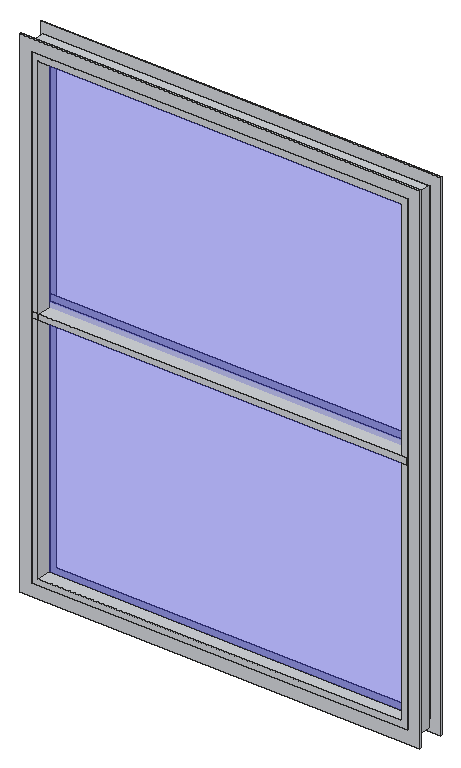
Revit family "8325S_Fixed Single Horizontal Rail", category Windows, host Wall, Revit 2023
Family settings
  Host = Wall
  OmniClass Number = 23.30.20.00
  OmniClass Title = Windows
  Always vertical = Yes
  Cut with Voids When Loaded = No
  Shared = No
  Room Calculation Point = No
Parameters
  Height = 5' - 0"
  Glass Material = Glass
  Frame Material = none
  Depth From Exterior = 0' - 1"
  Default Sill Height = 3' - 0"
  Wall Closure = By host
  Width = 4' - 0"
  Bottom Bay Height (Rail Location) = 2' - 3 39/64"
Reference planes (in)
  plane 1 "Center (Front/Back)": y = 0
  plane 2: z = 0
  plane 3 "Center (Left/Right)": x = 0
  plane 4 "Left": x = -24
  plane 5 "Right": x = 24
  plane 6 "Sill": z = 36
  plane 7 "Top": z = 96
  plane 8: y = 2
  plane 9: y = 3
  plane 10: y = 0.28117
  plane 11: y = -1.25692
  plane 12: y = 2
  plane 13: y = -1.25692
  plane 14: z = 65.96355
  plane 15: z = 65.19093
  plane 16: z = 37.58156
Forms (in)
  Sweep 1, solid
    path origin (0, 0, 0) x (1, 0, 0) y (0, 0, 1)
      loop
        line (24, 36) -> (24, 96) -> (-24, 96) -> (-24, 36) -> (24, 36)
    profile origin (0, 0, 36) x (0, 0, -1) y (0, -1, 0)
      loop
        line (0, -2) -> (0, -1.875) -> (-1.31671, -1.875) -> (-1.31671, -1.15496) -> (-0.82575, -1.15496) -> (-0.82575, 0.41188) -> (-1.16331, 0.41188) -> (-1.16331, 0.62067) -> (-0.98652, 0.62067) -> (-0.98652, 0.94067) -> (-1.16331, 0.94067) -> (-1.16331, 1.13192) -> (0, 1.13192) -> (0, 1.25692) -> (-1.44174, 1.25692) -> (-1.44174, -1.37528) -> (-2.20628, -1.37528) -> (-1.58156, -2) -> (0, -2)
  Sweep 2, solid
    path origin (0, 0, 0) x (1, 0, 0) y (0, 0, 1)
      loop
        line (-22.55826, 37.44174) -> (22.55826, 37.44174) -> (22.55826, 94.55826) -> (-22.55826, 94.55826) -> (-22.55826, 37.44174)
    profile origin (0, 0, 37.44174) x (0, 0, 1) y (0, -1, 0)
      loop
        line (0, 1.25692) -> (0, 0.56891) -> (0.36001, -0.00722) -> (0.36001, -0.1484) -> (0.30681, -0.1484) -> (0.30681, -0.28117) -> (0.75001, -0.28117) -> (0.75001, 1.25692) -> (0, 1.25692)
  Sweep 3, solid, material "Glass" <- "Glass Material"
    path origin (0, 0, 0) x (0, 1, 0) y (0, 0, 1)
      loop
        line (1.37528, 37.44174) -> (1.37528, 94.55826)
    profile origin (0, 1.37528, 66) x (0, -1, 0) y (1, 0, 0)
      loop
        line (0, -22.55826) -> (0.25, -22.55826) -> (0.25, 22.55826) -> (0, 22.55826) -> (0, -22.55826)
      loop
        line (0.75, -22.55826) -> (1, -22.55826) -> (1, 22.55826) -> (0.75, 22.55826) -> (0.75, -22.55826)
  Sweep 4, solid
    path origin (0, 0, 0) x (1, 0, 0) y (0, 0, 1)
      loop
        line (22.41844, 66.6443) -> (-22.41844, 66.6443)
    profile origin (0, 0, 66.6443) x (0, 0, -1) y (0, -1, 0)
      loop
        line (-0.77264, -1.37499) -> (-0.14762, -2) -> (0.82835, -2) -> (1.45337, -1.37499) -> (0.68074, -1.37499) -> (0.68074, 1.25692) -> (0, 1.25692) -> (0, -1.37499) -> (-0.77264, -1.37499)
Lines and regions (in)
  Opening 1
    outline origin (-60, -3, 0) x (1, 0, 0) y (0, 0, 1)
      loop
        line (36, 96) -> (36, 36) -> (84, 36) -> (84, 96) -> (36, 96)
Text (in)
  text "EXTERIOR" at (-58.6888, 50.90694, 0), in view "Ref. Level"
  text "INTERIOR" at (-58.6888, -37.76638, 0), in view "Ref. Level"
  text "Exterior" at (0, 43.65631, 123.19604), in view "Left"
  text "Exterior" at (0, 18.29385, 125.04747), in view "Right"
Dimensions and locks (in)
  equal spacing: plane 4 "Left", plane 3 "Center (Left/Right)", plane 5 "Right"
  "Height": plane 6 "Sill" to plane 7 "Top"
  "Default Sill Height": plane 2 to plane 6 "Sill"
  "Width": plane 4 "Left" to plane 5 "Right"
  "Depth From Exterior": plane 9 to plane 8
  locked: plane 10 to plane 11 at 1.53809
  locked: plane 8 to plane 11 at 3.25692
  locked: plane 12 to plane 13 at 3.25692
  locked: plane 14 to plane 15 at 0.77262
  locked: plane 6 "Sill" to plane 16 at 1.58156
  "Bottom Bay Height (Rail Location)": plane 16 to plane 15
  aligned and locked: plane 7 "Top" to Opening 1 sketch curve
  aligned and locked: plane 6 "Sill" to Opening 1 sketch curve  (x2)
  aligned and locked: plane 5 "Right" to Opening 1 sketch curve
  aligned and locked: plane 4 "Left" to Opening 1 sketch curve
  aligned and locked: level to plane 2
  aligned and locked: plane 6 "Sill" to Sweep 1 sketch curve
  aligned and locked: plane 4 "Left" to Sweep 1 sketch curve
  aligned and locked: Sweep 1 sketch curve to plane 7 "Top"
  aligned and locked: Sweep 1 sketch curve to plane 5 "Right"
  aligned and locked: Sweep 2 sketch curve to Sweep 1  (x4)
  aligned and locked: Sweep 3 sketch curve to Sweep 1  (x5)
  aligned and locked: plane 9 to host wall
  aligned and locked: plane 8 to Sweep 1
  aligned and locked: plane 11 to Sweep 2
  aligned and locked: plane 11 to Sweep 1
  aligned and locked: plane 10 to Sweep 2
  aligned and locked: Sweep 1 to Sweep 4 sketch curve  (x2)
  aligned and locked: plane 12 to Sweep 4
  aligned and locked: plane 13 to Sweep 4
  aligned and locked: plane 14 to Sweep 4
  aligned and locked: plane 15 to Sweep 4
  aligned and locked: plane 8 to plane 12
  aligned and locked: plane 16 to Sweep 1
Automatic sketch dimensions
  profile plane to Sweep 1 sketch curve = 0' - 2.20628"
  Sweep 1 sketch curve to Sweep 1 sketch curve = 0' - 0.76454"
  Sweep 1 sketch curve to Sweep 1 sketch curve = 0' - 0.12503"
  Sweep 1 sketch curve to Sweep 1 sketch curve = 0' - 0.27842"  (x2)
  Sweep 1 sketch curve to Sweep 1 sketch curve = 0' - 0.17679"
  Sweep 1 sketch curve to Sweep 1 sketch curve = 0' - 0.49095"
  Sweep 1 sketch curve to Sweep 1 sketch curve = 0' - 0.98652"
  Sweep 1 sketch curve to Sweep 1 sketch curve = 0' - 0.82575"
  Sweep 1 sketch curve to plane 1 "Center (Front/Back)" = 0' - 1 7/8"
  Sweep 1 sketch curve to Sweep 1 sketch curve = 0' - 0.49972"
  Sweep 1 sketch curve to Sweep 1 sketch curve = 0' - 0.22032"
  Sweep 1 sketch curve to Sweep 1 sketch curve = 0' - 1.56684"
  Sweep 1 sketch curve to Sweep 1 sketch curve = 0' - 0.20879"
  Sweep 1 sketch curve to Sweep 1 sketch curve = 0' - 0.32"
  Sweep 1 sketch curve to Sweep 1 sketch curve = 0' - 0.19125"
  Sweep 1 sketch curve to Sweep 1 sketch curve = 0' - 0 1/8"  (x2)
  Sweep 1 sketch curve to Sweep 1 sketch curve = 0' - 0.26485"
  Sweep 2 sketch curve to profile plane = 0' - 0.30681"
  Sweep 2 sketch curve to Sweep 2 sketch curve = 0' - 0.0532"
  Sweep 2 sketch curve to Sweep 2 sketch curve = 0' - 0.39"
  Sweep 2 sketch curve to plane 1 "Center (Front/Back)" = 0' - 0.28117"
  Sweep 2 sketch curve to Sweep 2 sketch curve = 0' - 0.13277"
  Sweep 2 sketch curve to Sweep 2 sketch curve = 0' - 0.14118"
  Sweep 2 sketch curve to Sweep 2 sketch curve = 0' - 1.26414"
  Sweep 2 sketch curve to Sweep 2 sketch curve = 0' - 0 3/4"
  Sweep 2 sketch curve to Sweep 2 sketch curve = 0' - 0.57613"
  Sweep 3 sketch curve to plane 6 "Sill" = 0' - 1.44174"
  plane 7 "Top" to Sweep 3 sketch curve = 0' - 1.44174"
  profile plane to Sweep 3 sketch curve = 0' - 0"
  Sweep 3 sketch curve to Sweep 3 sketch curve = 0' - 0 1/4"  (x2)
  Sweep 3 sketch curve to Sweep 3 sketch curve = 0' - 0 3/4"
  plane 7 "Top" to Sweep 4 sketch curve = 2' - 5.3557"
  profile plane to Sweep 4 sketch curve = 0' - 0.14762"
  Sweep 4 sketch curve to Sweep 4 sketch curve = 0' - 0.14762"
  Sweep 4 sketch curve to Sweep 4 sketch curve = 0' - 0.68074"
  Sweep 4 sketch curve to Sweep 4 sketch curve = 0' - 0.14761"
  Sweep 4 sketch curve to Sweep 4 sketch curve = 0' - 0.77262"
  Sweep 4 sketch curve to plane 1 "Center (Front/Back)" = 0' - 2"
  Sweep 4 sketch curve to Sweep 4 sketch curve = 0' - 0 5/8"  (x2)
  Sweep 4 sketch curve to Sweep 4 sketch curve = 0' - 2.63191"
  Sweep 4 sketch curve to Sweep 4 sketch curve = 0' - 0.77264"
